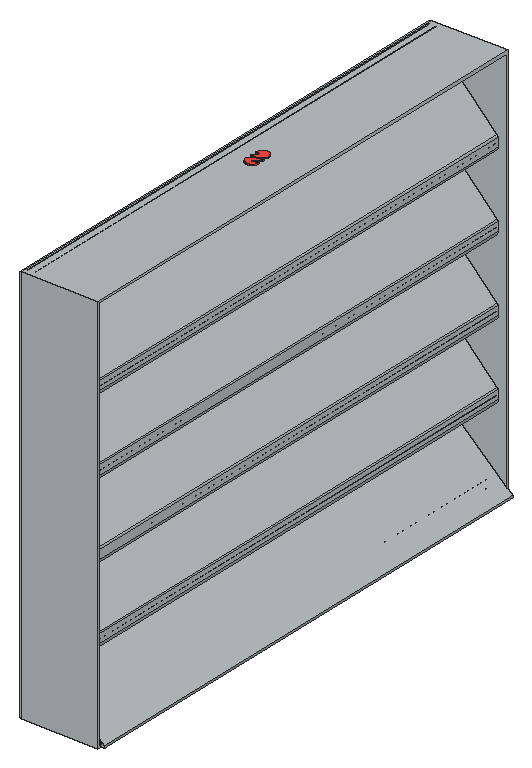
Revit family "NLRS_57_AIR_UN_steel_wheather_wall_louvre_bmxt_intake_LT_sacs", category Air Terminals, Revit 2022
Family settings
  Round Connector Dimension = Use Diameter
  Part Type = Normal
  OmniClass Number = 23.75.70.21.27.11
  OmniClass Title = Diffusers, Registers, and Grilles
  Work Plane-Based = No
  Always vertical = No
  Cut with Voids When Loaded = Yes
  Shared = No
  Room Calculation Point = Yes
Parameters (values of type "BMXTGO")
  Type Comments = ""
  SACS_c01_width [instance] = if(SACS_Allow_custom_size, if(not(SACS_Width > 4000.00 mm), roundup(SACS_Width / 5.00 mm) * 5.00 mm, 4000.00 mm), SACS_Price_Width)  # 425.00 mm
  SACS_c01_height [instance] = if(SACS_Allow_custom_size, if(not(SACS_Height > 2025.00 mm), if(not(SACS_Height < 205.00 mm), roundup(SACS_Height / 5.00 mm) * 5.00 mm, 205.00 mm), 2025.00 mm), SACS_Price_Height)  # 325.00 mm
  SACS_Z_Offset [instance] = (60.00 mm * (SACS_Index_Rows)) - 7.00 mm  # 233.00 mm
  SACS_Width [instance] = 425.00 mm
  SACS_Warning_Text_Sound [instance] = if(SACS_Warning_Sound, "Sound over requested value", " ")  # " "
  SACS_Warning_Text_Size [instance] = if(SACS_Warning_Size, if(SACS_Subindex = 3, "Unallowed size selected", "Special size: extra setup cost €46 per size, per order"), " ")  # " "
  SACS_Warning_Text_Ploss [instance] = if(SACS_Warning_Ploss, "Total Pressure loss over requested value", " ")  # " "
  SACS_Warning_Text_Other [instance] = if(and(not(SACS_Standard_RAL), not([Color option (0-4)] = 2)), "Colorchange € 157,-- per delivery and per color", " ")  # " "
  SACS_Warning_Text_Flow [instance] = if(SACS_Warning_Flow, "Air velocity over maximum advised value", " ")  # " "
  SACS_Warning_Sound [instance] = if(SACS_Lp_dBA > SACS_Max_Lp_dBA, 1 = 1, 1 = 0)  # no
  SACS_Warning_Size [instance] = SACS_Subindex > 1  # no
  SACS_Warning_Sign [instance] = if(and(not(SACS_Warning_Disabled), or(SACS_Warning_Flow, SACS_Warning_Ploss, SACS_Warning_Size, SACS_Warning_Sound)), 1 = 1, 1 = 0)  # no
  SACS_Warning_Ploss [instance] = if(NLRS_M_c01_drukverlies_statisch > SACS_Max_Ploss, 1 = 1, 1 = 0)  # no
  SACS_Warning_Flow [instance] = if(SACS_Air_Velocity > 2.5 m/s, 1 = 1, 1 = 0)  # no
  SACS_Warning_Disabled [instance] = no
  SACS_Type_Mark [instance] = ""
  SACS_Subindex [instance] = if(and(SACS_Width = SACS_Price_Width, SACS_Height = SACS_Price_Height), 0, if(and(SACS_Allow_custom_size, SACS_Width = SACS_c01_width, SACS_Height = SACS_c01_height), 1, if(SACS_Allow_custom_size, 2, 3)))  # 0
  SACS_Standard_RAL [instance] = [Color option (0-4)] < 1  # yes
  SACS_Size_Check [instance] = if(SACS_Subindex = 0, "Standard size", if(SACS_Subindex = 1, "Custom size", if(SACS_Subindex = 2, "Corrected custom size (allowed size steps are 5mm)", "Custom sizes are disabled!")))  # "Standard size"
  SACS_Show_Part_3 [instance] = (SACS_c01_height - 10.00 mm) = round((SACS_c01_height - 10.00 mm) / 60.00 mm) * 60.00 mm  # no
  SACS_Show_Part_2 [instance] = and(not(SACS_Show_Part_1), not(SACS_Show_Part_3), not((SACS_c01_height - 25.00 mm) = round((SACS_c01_height - 25.00 mm) / 60.00 mm) * 60.00 mm))  # no
  SACS_Show_Part_1 [instance] = (SACS_c01_height - 20.00 mm) = round((SACS_c01_height - 20.00 mm) / 60.00 mm) * 60.00 mm  # no
  SACS_Show_Arrow [instance] = yes
  SACS_Ps_Calculation [instance] = round(if(SACS_Air_Flow > 0.0 m³/h, (((SACS_Air_Flow / 3600.0 m³/h) / (SACS_Calculation_1 / 10000) / 0.54) ^ 2) * 0.6, 0) * 10) / 10  # 0
  SACS_Product_Cost [instance] = if(and(SACS_c01_width = SACS_Price_Width, SACS_c01_height = SACS_Price_Height), roundup(size_lookup(SACS_Data_Hidden, "Cost", 0, if(SACS_Base_Index = 6, 1.00 mm, 3.00 mm), SACS_Price_Width, SACS_Price_Height) * 1.2), roundup(roundup(size_lookup(SACS_Data_Hidden, "Cost", 0, if(SACS_Base_Index = 6, 1.00 mm, 3.00 mm), SACS_Price_Width, SACS_Price_Height) * 1.2) * 1.1))  # 146
  SACS_Price_Width [instance] = if(SACS_Width > 1825.00 mm, 2025.00 mm, if(SACS_Width > 1625.00 mm, 1825.00 mm, if(SACS_Width > 1425.00 mm, 1625.00 mm, if(SACS_Width > 1225.00 mm, 1425.00 mm, if(SACS_Width > 1025.00 mm, 1225.00 mm, if(SACS_Width > 825.00 mm, 1025.00 mm, if(SACS_Width > 625.00 mm, 825.00 mm, if(SACS_Width > 425.00 mm, 625.00 mm, 425.00 mm))))))))  # 425.00 mm
  SACS_Price_Height [instance] = if(SACS_Height > 1825.00 mm, 2025.00 mm, if(SACS_Height > 1625.00 mm, 1825.00 mm, if(SACS_Height > 1425.00 mm, 1625.00 mm, if(SACS_Height > 1225.00 mm, 1425.00 mm, if(SACS_Height > 1025.00 mm, 1225.00 mm, if(SACS_Height > 825.00 mm, 1025.00 mm, if(SACS_Height > 525.00 mm, 825.00 mm, if(SACS_Height > 325.00 mm, 525.00 mm, 325.00 mm))))))))  # 325.00 mm
  SACS_Price_Date [instance] = size_lookup(SACS_Data_Hidden, "Date", "NB", if(SACS_Base_Index = 6, 3.00 mm, 1.00 mm), SACS_Price_Width, SACS_Price_Height)  # "1-4-2025"
  SACS_Option_5 [instance] = if([Color option (0-4)] < 3, SACS_Color, if(SACS_Non_Standard_RAL, "Custom RAL color", "Custom not RAL color"))  # "Sendzimir galvanised"
  SACS_Option_3 [instance] = if(or(SACS_Base_Index = 2, SACS_Base_Index = 4), "I = Mounting frame", "O = None")  # "O = None"
  SACS_Option_2 [instance] = if(SACS_Base_Index = 6, "G = Galvanised wire mesh", "S = Stainless steel wire mesh")  # "G = Galvanised wire mesh"
  SACS_Option_1 [instance] = "BMXT = Without flange"  # constant formula
  SACS_Non_Standard_RAL [instance] = and([Color option (0-4)] > 0, [Color option (0-4)] < 4)  # no
  SACS_Model [instance] = if(or(SACS_Subindex = 1, SACS_Subindex = 2), size_lookup(SACS_Data_Hidden, "", "NB", SACS_Base_Index * 1.00 mm), size_lookup(SACS_Data_Hidden, "Model", "NB", SACS_Base_Index * 1.00 mm, SACS_c01_width, SACS_c01_height))  # "BMXTGO 425x325"
  SACS_Max_Ploss [instance] = 100.0 Pa
  SACS_Max_Lp_dBA [instance] = 45
  SACS_Lp_dBA [instance] = if(SACS_Lp_Calculation > 0, SACS_Lp_Calculation, 0)  # 0
  SACS_Lp_Calculation [instance] = if(SACS_Air_Flow > 0.0 m³/h, round((53 + (10 * (log(SACS_Calculation_1 / 20000) / log(10)))) + (60 * (log((((NLRS_M_c01_debiet / 3600.0 m³/h) / (SACS_Calculation_1 / 10000) / 0.54)) / 9.22) / log(10)))), 0)  # 0
  SACS_Logo_Z [instance] = if(or(SACS_Base_Index = 5, SACS_Base_Index = 6), -4.50 mm, -1.00 mm)  # -4.50 mm
  SACS_Index_Rows [instance] = rounddown((SACS_c01_height - 85.00 mm) / 60.00 mm)  # 4
  SACS_Hidden_Text [instance] = if(SACS_Non_Standard_RAL, "RALCost", "OtherCost")  # "OtherCost"
  SACS_Height [instance] = 325.00 mm
  SACS_Gross_Cost [instance] = if(or(SACS_Height > 2025.00 mm, SACS_Width > 2025.00 mm), 0, SACS_Product_Cost + SACS_Color_Cost)  # 146
  SACS_Free_Area [instance] = round(SACS_Calculation_1) * 100 mm²  # 38600 mm²
  SACS_Frame_1 [instance] = if(or(SACS_Base_Index = 2, SACS_Base_Index = 4), 1 = 1, 1 = 0)  # no
  SACS_Fill_Length [instance] = if(SACS_c01_height - 85.00 mm - SACS_Z_Offset > 0.00 mm, SACS_c01_height - 85.00 mm - SACS_Z_Offset, 1.00 mm)  # 7.00 mm
  SACS_Factor_NDF6 = -9490576.0071
  SACS_Factor_NDF5 = -53981.1776
  SACS_Factor_NDF4 = -607410.4408
  SACS_Factor_NDF3 = 4876.6678
  SACS_Factor_NDF2 = -2064081.7344
  SACS_Factor_NDF1 = -228.4752
  SACS_Face_Color [instance] = NLRS_57_sendzimir verzinkt_gen_sacs
  SACS_DbA_Text = " dB(A)"  # constant formula
  SACS_Data_Hidden = "BMX"  # constant formula
  SACS_Custom_Color [instance] = ""
  SACS_Color_Cost [instance] = if(SACS_Standard_RAL, 0, size_lookup(SACS_Data_Hidden, SACS_Hidden_Text, 0, if(SACS_Base_Index = 6, 1.00 mm, 3.00 mm), SACS_Price_Width, SACS_Price_Height))  # 0
  SACS_Color [instance] = if([Color option (0-4)] < 1, "Sendzimir galvanised", if([Color option (0-4)] = 1, "RAL9016-30", if([Color option (0-4)] = 2, "RAL9016-70", SACS_Custom_Color)))  # "Sendzimir galvanised"
  SACS_Calculation_3 [instance] = if(SACS_Calculation_2 * 60.00 mm + 79.00 mm > SACS_c01_height - 26.00 mm, SACS_Calculation_2 - 1, SACS_Calculation_2)  # 4
  SACS_Calculation_2 [instance] = rounddown((SACS_c01_height - 20.00 mm) / 60.00 mm)  # 5
  SACS_Calculation_1 [instance] = round(((((SACS_Factor_NDF1 * (SACS_c01_width / 1000.00 mm) ^ 2) + (SACS_Factor_NDF2 * (SACS_c01_height / 1000.00 mm) ^ 2)) / 100000) + (((SACS_Factor_NDF4 * (SACS_c01_width / 1000.00 mm)) + (SACS_Factor_NDF5 * (SACS_c01_height / 1000.00 mm))) / 1000) + (SACS_Factor_NDF3 * (SACS_c01_width / 1000.00 mm) * (SACS_c01_height / 1000.00 mm)) + (SACS_Factor_NDF6 / 1000 ^ 2)) * 10) / 10  # 386.2
  SACS_Base_Index = 6
  SACS_Air_Velocity [instance] = (NLRS_M_c01_debiet / SACS_Free_Area)  # 0.0 m/s
  SACS_Air_Flow [instance] = if(NLRS_M_c01_debiet < 0.0 m³/h, NLRS_M_c01_debiet * -1, NLRS_M_c01_debiet)  # 0.0 m³/h
  SACS_Allow_custom_size [instance] = no
  NLRS_M_c01_hoogte [instance] = SACS_c01_height  # 325.00 mm
  NLRS_M_c01_drukverlies_statisch [instance] = round(if(SACS_Ps_Calculation > 0, SACS_Ps_Calculation, 0)) * 1.0 Pa  # 0.0 Pa
  NLRS_M_c01_debiet [instance] = 0.0 m³/h
  NLRS_M_c01_breedte [instance] = SACS_c01_width  # 425.00 mm
  NLRS_C_model [instance] = SACS_Model  # "BMXTGO 425x325"
  NLRS_C_materiaal_kleur [instance] = SACS_Color  # "Sendzimir galvanised"
  NLRS_C_gtin_code [instance] = size_lookup(SACS_Data_Hidden, "GTIN", "NB", SACS_Base_Index * 1.00 mm, SACS_c01_width, SACS_c01_height)  # "NB"
  NLRS_C_description = Description  # "Solid Air weather louvre BMX (air intake)"
  NLRS_C_content_versie = "4.22.01"  # constant formula
  NLRS_C_content_provider = "Solid Air Climate Solutions"  # constant formula
  NLRS_C_content_datum_uitgifte = "09-10-2025"  # constant formula
  NLRS_C_content_creator = "J. Feeke"  # constant formula
  NLRS_C_artikel_code [instance] = size_lookup(SACS_Data_Hidden, "Artikelcode", "NB", SACS_Base_Index * 1.00 mm, SACS_c01_width, SACS_c01_height)  # "8601004795"
  LoadBearing = 1 = 0  # no
  IsExternal = 1 = 0  # no
  URL = "https://solid-air.nl/producten/solid-air-buitenluchtrooster-bmxn-bmxt-staal/"
  Model = "Weather louvre"  # constant formula
  Min Flow = 0.0 m³/h
  Max Flow = 0.0 m³/h
  Manufacturer = "Solid Air Climate Systems"  # constant formula
  IfcExportType = "LOUVRE"  # constant formula
  IfcExportAs = "IfcAirTerminal"  # constant formula
  IfcDescription = Description  # "Solid Air weather louvre BMX (air intake)"
  FireRating = "0"  # constant formula
  Description = "Solid Air weather louvre BMX (air intake)"  # constant formula
  Default Elevation = 0.00 mm
  Color option (0-4) [instance] = 0
  Assembly Code = "57.0"
Types (2, lengths in mm): name | SACS_Product_Cost | SACS_Option_2 | SACS_Model | SACS_Gross_Cost | SACS_Base_Index | NLRS_C_model | NLRS_C_artikel_code
  BMXTGO | 146 | "G = Galvanised wire mesh" | "BMXTGO 425x325" | 146 | 6 | "BMXTGO 425x325" | "8601004795"
  BMXTSO | 166 | "S = Stainless steel wire mesh" | "BMXTSO 425x325" | 166 | 5 | "BMXTSO 425x325" | "8601001745"
Reference planes
  plane 1 "Center (Front/Back)": y = 0
  plane 2: z = 0
  plane 3 "Center (Left/Right)": x = 0
  plane 4 "top": z = 162.5
  plane 5: z = -162.5
  plane 6: y = -212.5
  plane 7: y = 212.5
  plane 8: y = 204
  plane 9: y = -204
  plane 10 "Bottom_Profile": z = -85
  plane 11: z = 159
  plane 12: z = -159
  plane 13: y = 202.5
  plane 14: y = -202.5
  plane 15 "LAMELLEN": x = -49
  plane 16 "Top_Lamel": z = 148
  plane 17: z = -25
  plane 18: z = 35
Forms (mm)
  Sweep 1, solid, material "NLRS_57_sendzimir verzinkt_gen_sacs" <- "SACS_Face_Color", detail levels medium+fine
    path in 3D
      loop
        line (0, -204, 159) -> (0, -204, -159) -> (0, 204, -159) -> (0, 204, 159) -> (0, -204, 159)
    profile "Profile_XT_R22 : Profile_XT_R22" origin (0, 0, 159) x (0, 0, -1) y (1, 0, 0)
      loop
        arc (0, -54.5) -> (0.732, -56.268) -> (2.5, -57) r 2.5
        line (2.5, -57) -> (15, -57) -> (15, -55.5) -> (3.25, -55.5)
        arc (3.25, -55.5) -> (2.013, -54.987) -> (1.5, -53.75) r 1.75
        line (1.5, -53.75) -> (1.5, 6) -> (0, 6) -> (0, -54.5)
  Sweep 2, solid, material "NLRS_57_sendzimir verzinkt_gen_sacs" <- "SACS_Face_Color", detail levels medium+fine
    path in 3D
      loop
        line (-49, -202.5, -85) -> (-49, 202.5, -85)
    profile "Profile_BMX_Bottom_Lamel_R22 : Profile_BMX_Bottom_Lamel_R22" origin (-49, 0, -85) x (0, 0, 1) y (1, 0, 0)
      loop
        line (-0.482, -1.941) -> (-17.726, 2.346)
        arc (-17.726, 2.346) -> (-18.808, 2.791) -> (-19.715, 3.531) r 4
        line (-19.715, 3.531) -> (-70.982, 59.695)
        arc (-70.982, 59.695) -> (-72.154, 59.922) -> (-72.708, 58.864) r 1
        line (-72.708, 58.864) -> (-69.963, 41.531)
        arc (-69.963, 41.531) -> (-64.122, 41.153) -> (-69.236, 44) r 3
        line (-69.236, 44) -> (-68.491, 43.333)
        arc (-68.491, 43.333) -> (-65.081, 41.435) -> (-68.975, 41.687) r 2
        line (-68.975, 41.687) -> (-71.721, 59.021) -> (-20.25, 2.633)
        arc (-20.25, 2.633) -> (-19.343, 1.894) -> (-18.261, 1.448) r 4
        line (-18.261, 1.448) -> (-0.724, -2.911)
        arc (-0.724, -2.911) -> (2.007, 2.23) -> (-2.819, -1.026) r 3
        line (-2.819, -1.026) -> (-1.879, -0.684)
        arc (-1.879, -0.684) -> (1.338, 1.487) -> (-0.482, -1.941) r 2
  Extrusion 3, solid, not visible
    sketch origin (0, 0, 0) x (1, 0, 0) y (0, 1, 0)
      loop
        line (-49, 0.489) -> (-49, -0.489) -> (0, -0.489) -> (0, 0.489) -> (-49, 0.489)
    from -0.5 to 0.5
  Sweep 4, solid, material "NLRS_57_sendzimir verzinkt_gen_sacs" <- "SACS_Face_Color", visible <- "SACS_Show_Part_1", detail levels medium+fine
    path in 3D
      loop
        line (-49, 202.5, 148) -> (-49, -202.5, 148)
    profile "Profile_BMX_Top_Lamel_R22 : Profile_BMX_Top_Lamel_R22" origin (-49, 0, 148) x (1, 0, 0) y (0, 0, 1)
      loop
        arc (46.763, 2.427) -> (42.327, -1.362) -> (48, 0) r 3
        line (48, 0) -> (48, 7.19)
        arc (48, 7.19) -> (47.853, 7.941) -> (47.435, 8.582) r 2
        line (47.435, 8.582) -> (-1.905, 59.303)
        arc (-1.905, 59.303) -> (-2.11, 60.389) -> (-1.188, 61) r 1
        line (-1.188, 61) -> (4.674, 61)
        arc (4.674, 61) -> (6.088, 57.586) -> (2.674, 59) r 2
        line (2.674, 59) -> (1.674, 59)
        arc (1.674, 59) -> (6.795, 56.879) -> (4.674, 62) r 3
        line (4.674, 62) -> (-1.182, 62)
        arc (-1.182, 62) -> (-3.025, 60.778) -> (-2.616, 58.605) r 2
        line (-2.616, 58.605) -> (46.434, 8.182)
        arc (46.434, 8.182) -> (46.853, 7.54) -> (47, 6.788) r 2
        line (47, 6.788) -> (47, 0)
        arc (47, 0) -> (43.218, -0.908) -> (46.176, 1.618) r 2
        line (46.176, 1.618) -> (46.763, 2.427)
  Sweep 5, solid, material "NLRS_57_sendzimir verzinkt_gen_sacs" <- "SACS_Face_Color", visible <- "SACS_Show_Part_2"
    path in 3D
      loop
        line (-49, 202.5, 148) -> (-49, -202.5, 148)
    profile "Profile_BMX_ALT_Top_Lamel_R22 : Profile_BMX_ALT_Top_Lamel_R22" origin (-49, 0, 148) x (1, 0, 0) y (0, 0, 1)
      loop
        arc (46.763, 2.427) -> (42.327, -1.362) -> (48, 0) r 3
        line (48, 0) -> (48, 7.19)
        arc (48, 7.19) -> (47.853, 7.941) -> (47.435, 8.582) r 2
        line (47.435, 8.582) -> (46.159, 9.895)
        arc (46.159, 9.895) -> (45.503, 10.342) -> (44.725, 10.5) r 2
        line (44.725, 10.5) -> (-3, 10.5) -> (-3, 9.5) -> (44.624, 9.5)
        arc (44.624, 9.5) -> (45.11, 9.402) -> (45.52, 9.122) r 1.25
        line (45.52, 9.122) -> (46.434, 8.182)
        arc (46.434, 8.182) -> (46.853, 7.54) -> (47, 6.788) r 2
        line (47, 6.788) -> (47, 0)
        arc (47, 0) -> (43.218, -0.908) -> (46.176, 1.618) r 2
        line (46.176, 1.618) -> (46.763, 2.427)
  Sweep 6, solid, material "NLRS_57_sendzimir verzinkt_gen_sacs", visible <- "SACS_Show_Part_3"
    path in 3D
      loop
        line (-49, 202.5, 148) -> (-49, -202.5, 148)
    profile "Profile_BMX_ALT2_Top_Lamel_R22 : Profile_BMX_ALT2_Top_Lamel_R22" origin (-49, 0, 148) x (1, 0, 0) y (0, 0, 1)
      loop
        arc (46.763, 2.427) -> (42.327, -1.362) -> (48, 0) r 3
        line (48, 0) -> (48, 7.19)
        arc (48, 7.19) -> (47.853, 7.942) -> (47.434, 8.584) r 2
        line (47.434, 8.584) -> (7.033, 50.115)
        arc (7.033, 50.115) -> (4.478, 50.376) -> (3.772, 47.907) r 2
        line (3.772, 47.907) -> (7.04, 40.567) -> (4.312, 33.074)
        arc (4.312, 33.074) -> (0.59, 33.534) -> (3.712, 35.612) r 2
        line (3.712, 35.612) -> (4.3, 36.421)
        arc (4.3, 36.421) -> (-0.374, 33.269) -> (5.232, 32.677) r 3
        line (5.232, 32.677) -> (7.841, 39.846)
        arc (7.841, 39.846) -> (7.961, 40.599) -> (7.789, 41.343) r 2
        line (7.789, 41.343) -> (4.681, 48.324)
        arc (4.681, 48.324) -> (5.034, 49.559) -> (6.311, 49.428) r 1
        line (6.311, 49.428) -> (46.434, 8.182)
        arc (46.434, 8.182) -> (46.853, 7.54) -> (47, 6.788) r 2
        line (47, 6.788) -> (47, 0)
        arc (47, 0) -> (43.218, -0.908) -> (46.176, 1.618) r 2
        line (46.176, 1.618) -> (46.763, 2.427)
Lines and regions (mm)
  model lines, not visible
    curve 1: line (0, 204, 159) -> (0, -204, 159)
    curve 2: line (0, 204, -159) -> (0, 204, 159)
    curve 3: line (0, -204, -159) -> (0, 204, -159)
    curve 4: line (0, -204, 159) -> (0, -204, -159)
    curve 9: line (-49, -202.5, 153.5) -> (-49, 202.5, 153.5)
    curve 10: line (-49, -202.5, -85) -> (-49, 202.5, -85)
    curve 12: line (0, 212.5, 162.5) -> (0, -212.5, 162.5)
    curve 13: line (0, 212.5, -162.5) -> (0, 212.5, 162.5)
    curve 14: line (0, -212.5, -162.5) -> (0, 212.5, -162.5)
    curve 15: line (0, -212.5, 162.5) -> (0, -212.5, -162.5)
    curve 16: line (-49, 202.5, 148) -> (-49, -202.5, 148)
  sketch lines
    curve 5: line (0, 204, 159) -> (0, -204, 159)
    curve 6: line (0, 204, -159) -> (0, 204, 159)
    curve 7: line (0, -204, -159) -> (0, 204, -159)
    curve 8: line (0, -204, 159) -> (0, -204, -159)
    curve 11: line (-49, -202.5, -85) -> (-49, 202.5, -85)
    curve 17: line (-49, 202.5, 148) -> (-49, -202.5, 148)
    curve 18: line (-49, 202.5, 148) -> (-49, -202.5, 148)
    curve 19: line (-49, 202.5, 148) -> (-49, -202.5, 148)
Dimensions and locks
  equal spacing: plane 7, plane 1 "Center (Front/Back)", plane 6
  equal spacing: plane 5, level, plane 4 "top"
  "SACS_c01_height": plane 4 "top" to plane 5
  "SACS_c01_width": plane 7 to plane 6
  locked: plane 7 to plane 8 at 8.5
  locked: plane 9 to plane 6 at 8.5
  locked: plane 10 "Bottom_Profile" to plane 12 at 74
  locked: plane 4 "top" to plane 11 at 3.5
  locked: plane 12 to plane 5 at 3.5
  locked: plane 8 to plane 13 at 1.5
  locked: plane 14 to plane 9 at 1.5
  plane 3 "Center (Left/Right)" to plane 15 "LAMELLEN" = 49.00 mm
  equal spacing: Extrusion 3 sketch curve, plane 1 "Center (Front/Back)", Extrusion 3 sketch curve
  Extrusion 3 sketch curve to Extrusion 3 sketch curve = 0.977 mm
  "SACS_Z_Offset": plane 16 "Top_Lamel" to plane 10 "Bottom_Profile"
  equal spacing: group 1, group 2, group 3, group 4  (x3)
  locked: plane 17 to plane 10 "Bottom_Profile" at 60
  locked: plane 18 to plane 17 at 60
  plane 9 to plane 8 = 408.00 mm
  plane 11 to plane 12 = 318.00 mm
  plane 10 "Bottom_Profile" to plane 12 = 74.00 mm
  plane 16 "Top_Lamel" to plane 10 "Bottom_Profile" = 233.00 mm
  aligned and locked: level to plane 2
  aligned and locked: curve 4 to plane 9
  aligned and locked: curve 1 to plane 11
  aligned and locked: plane 12 to curve 3
  aligned and locked: plane 14 to curve 9
  aligned and locked: plane 13 to curve 9
  aligned and locked: plane 14 to curve 10
  aligned and locked: plane 13 to curve 10
  aligned and locked: plane 15 "LAMELLEN" to Extrusion 3 sketch curve
  aligned and locked: curve 12 to plane 4 "top"
  aligned and locked: plane 7 to curve 13
  aligned and locked: curve 15 to plane 6
  aligned and locked: plane 5 to curve 14
  aligned and locked: plane 15 "LAMELLEN" to nested 2
  aligned and locked: plane 17 to nested 2
  aligned and locked: plane 18 to nested 3
  aligned and locked: nested 1 to plane 1 "Center (Front/Back)"
  aligned and locked: nested 4 to plane 3 "Center (Left/Right)"
  aligned and locked: nested 5 to plane 3 "Center (Left/Right)"
  aligned and locked: plane 13 to curve 16
  aligned and locked: plane 14 to curve 16
  aligned and locked: curve 16 to plane 15 "LAMELLEN"
Automatic sketch dimensions
  plane 3 "Center (Left/Right)" to Extrusion 3 sketch curve = 0.00 mm
  curve 2 to plane 8 = 0.00 mm
  curve 9 to plane 11 = 5.50 mm
  curve 10 to plane 10 "Bottom_Profile" = 0.00 mm
Nested families
  nested 1: "logo_SACS" at (-30.213, 0, 158) x (0, 1, 0) z (0, 0, 1), built-in parameter 1001364 <- "SACS_Logo_Z", type "logo_SACS", detail levels medium+fine
  nested 2: "BMX_Lamel_R22" at (-49, 0, -25), type "BMX_Lamel_R22", detail levels medium+fine
    with Width 405.00 mm, BMX_Width 425.00 mm
  nested 3: "BMX_Lamel_R22" at (-49, 0, 35), type "BMX_Lamel_R22", detail levels medium+fine
    with Width 405.00 mm, BMX_Width 425.00 mm
  nested 4: "symbol_intake_single_arrow" at (-29, 0, 0), type "Top"
    with Width 425.00 mm
  nested 5: "symbol_intake_single_arrow" at (-29, 0, 0) x (1, 0, 0) z (0, -1, 0), type "Side"
    with Width 325.00 mm
  nested 6: "BMX_Lamel_R22" at (-49, 0, 95), type "BMX_Lamel_R22", detail levels medium+fine
    with Width 405.00 mm, BMX_Width 425.00 mm
  nested 7: "BMX_Lamel_R22" at (-49, 0, 155), type "BMX_Lamel_R22", detail levels medium+fine
    with Width 405.00 mm, BMX_Width 425.00 mm
Connectors
  hvac at (0, 0, 0), driven by "SACS_c01_height", driven by "SACS_c01_width", driven by "NLRS_M_c01_drukverlies_statisch", driven by "NLRS_M_c01_debiet"
    settings: on Extrusion 3, index 1, duct flow 0.0 m³/h, flow factor 0, pres drop 0.0 Pa, loss coef 0, conn angle 0.00°, conn width 425 mm, conn height 325 mm, conn diameter 609.6 mm, duct sys type 1, conn prof type 1, flow config 1, flow direction 2, loss method 4, conn ref index -1, conn util no, is conn primary yes, conn desc ""
Definition of nested family "logo_SACS"
  Parameters (values of type "logo_SACS")
    Scale = 5.00 mm
    Model = "LOD 400"
    Height = 1.50 mm
    Description = "Model type"
    Default Elevation = 1219.20 mm
  Reference planes
    plane 1 "Center (Front/Back)": y = 0
    plane 2: z = 0
    plane 3 "Center (Left/Right)": x = 0
    plane 4: z = 1.5
    plane 5: x = -10
    plane 6: y = -5
    plane 7: y = 5
    plane 8: x = -5
    plane 9: x = 5
    plane 10: x = 10
  Forms (mm)
    Extrusion 1, solid
      sketch origin (-547.644, -297.937, 0) x (1, 0, 0) y (0, 1, 0)
        loop
          arc (542.644, 302.937) -> (537.644, 297.937) -> (542.644, 292.937) r 5
          line (542.644, 292.937) -> (542.644, 297.937) -> (547.644, 292.937) -> (547.644, 297.937) -> (542.644, 302.937)
      from 0 to 1.5
    Extrusion 2, solid
      sketch origin (0, 0, 0) x (1, 0, 0) y (0, 1, 0)
        loop
          arc (5, -5) -> (10, 0) -> (5, 5) r 5
          line (5, 5) -> (5, 0) -> (0, 5) -> (0, 0) -> (5, -5)
      from 0 to 1.5
  Dimensions and locks
    "Scale": plane 7 to plane 1 "Center (Front/Back)"
    "Scale": plane 6 to plane 1 "Center (Front/Back)"
    "Scale": plane 5 to plane 8
    "Scale": plane 8 to plane 3 "Center (Left/Right)"
    "Scale": plane 3 "Center (Left/Right)" to plane 9
    "Scale": plane 9 to plane 10
    "Height": plane 4 to level
    aligned and locked: level to plane 2
    aligned and locked: plane 4 to Extrusion 1
    aligned and locked: plane 4 to Extrusion 2
  Automatic sketch dimensions
    plane 1 "Center (Front/Back)" to Extrusion 1 sketch curve = 0.00 mm  (x3)
    Extrusion 1 sketch curve to plane 8 = 0.00 mm
    Extrusion 1 sketch curve to plane 7 = 0.00 mm
    Extrusion 1 sketch curve to plane 3 "Center (Left/Right)" = 0.00 mm
    Extrusion 1 sketch curve to plane 6 = 0.00 mm
    Extrusion 2 sketch curve to plane 3 "Center (Left/Right)" = 0.00 mm
    plane 1 "Center (Front/Back)" to Extrusion 2 sketch curve = 0.00 mm  (x3)
    Extrusion 2 sketch curve to plane 6 = 0.00 mm
    Extrusion 2 sketch curve to plane 9 = 0.00 mm
    Extrusion 2 sketch curve to plane 7 = 0.00 mm
Definition of nested family "BMX_Lamel_R22"
  Parameters (values of type "BMX_Lamel_R22")
    material = none
    Width = BMX_Width - 20.00 mm  # 480.00 mm
    Type Comments = "(c) 2025"  # constant formula
    Model = "Lamel for BMX"  # constant formula
    Manufacturer = "Solid Air Climate Systems"  # constant formula
    Description = "Last updated: 01-10-2025"  # constant formula
    Default Elevation = 0.00 mm
    BMX_Width = 500.00 mm
  Reference planes
    plane 1 "Center (Front/Back)": y = 0
    plane 2: z = 0
    plane 3 "Center (Left/Right)": x = 0
    plane 4: y = 240
    plane 5: y = -240
  Forms (mm)
    Sweep 1, solid, material <- "material", detail levels medium+fine
      path in 3D
        loop
          line (0, 240, 0) -> (0, -240, 0)
      profile "Profile_BMX_Lamel_R22 : Profile_BMX_Lamel_R22" origin (0, 0, 0) x (1, 0, 0) y (0, 0, 1)
        loop
          arc (46.763, -64.573) -> (42.327, -68.362) -> (48, -67) r 3
          line (48, -67) -> (48, -59.812)
          arc (48, -59.812) -> (47.853, -59.06) -> (47.434, -58.418) r 2
          line (47.434, -58.418) -> (-1.434, -8.182)
          arc (-1.434, -8.182) -> (-1.853, -7.54) -> (-2, -6.788) r 2
          line (-2, -6.788) -> (-2, 0)
          arc (-2, 0) -> (1.798, 0.877) -> (-1.231, -1.576) r 2
          line (-1.231, -1.576) -> (-1.847, -2.364)
          arc (-1.847, -2.364) -> (2.696, 1.315) -> (-3, 0) r 3
          line (-3, 0) -> (-3, -7.188)
          arc (-3, -7.188) -> (-2.853, -7.94) -> (-2.434, -8.582) r 2
          line (-2.434, -8.582) -> (46.434, -58.818)
          arc (46.434, -58.818) -> (46.853, -59.46) -> (47, -60.212) r 2
          line (47, -60.212) -> (47, -67)
          arc (47, -67) -> (43.218, -67.908) -> (46.176, -65.382) r 2
          line (46.176, -65.382) -> (46.763, -64.573)
  Lines and regions (mm)
    model lines
      curve 1: line (0, 240, 0) -> (0, -240, 0)
    sketch lines
      curve 2: line (0, 240, 0) -> (0, -240, 0)
    model lines, not visible
      curve 3: line (-2, 0, 0) -> (2, 0, 0)
  Dimensions and locks
    equal spacing: plane 4, plane 1 "Center (Front/Back)", plane 5
    "Width": plane 4 to plane 5
    aligned and locked: level to plane 2
    aligned and locked: plane 4 to curve 1
    aligned and locked: plane 5 to curve 1
  Automatic sketch dimensions
    curve 1 to plane 3 "Center (Left/Right)" = 0.00 mm
    curve 3 to level = 0.00 mm
    curve 3 to plane 3 "Center (Left/Right)" = 2.00 mm
    plane 3 "Center (Left/Right)" to curve 3 = 2.00 mm
Definition of nested family "symbol_intake_single_arrow"
  Parameters (values of type "Side")
    Width = 525.00 mm
    Symbol = yes
    Safe_Length = if(Length < 50.00 mm, 50.00 mm, Length)  # 58.00 mm
    Length = 58.00 mm
    Error = no
    Arrow = yes
  Types (2, lengths in mm): name | Width
    Side | 525.00
    Top | 625.00
  Reference planes
    plane 1 "Center (Front/Back)": y = 0
    plane 2: z = 0
    plane 3 "Center (Left/Right)": x = 0
    plane 4: x = -29
    plane 5: x = 29
    plane 6: y = -262.5
    plane 7: y = 262.5
    plane 8: x = 54
  Lines and regions (mm)
    Filled region 1, type "Solid Fill - Black", in view "Ref. Level", visible <- "Arrow"
      outline origin (246.928, 237.965, 0) x (0, -1, 0) y (1, 0, 0)
        loop
          line (237.965, -192.928) -> (267.965, -132.928) -> (207.965, -132.928) -> (237.965, -192.928)
    Filled region 2, type "Solid Fill - Black", in view "Ref. Level", visible <- "Arrow", not visible
      outline origin (246.928, 237.965, 0) x (0, -1, 0) y (1, 0, 0)
        loop
          line (237.965, -71.928) -> (267.965, -11.928) -> (207.965, -11.928) -> (237.965, -71.928)
    Filled region 3, type "Solid Fill - Red", in view "Ref. Level", visible <- "Error"
      outline origin (0, 0, 0) x (1, 0, 0) y (0, 1, 0)
        loop
          line (-25.8, 75) -> (-20, -12) -> (20, -12) -> (25.8, 75) -> (-25.8, 75)
        loop
          circle (0, -50) r 25
    detail lines, in view "Ref. Level", visible <- "Symbol", detail levels coarse
      curve 1: line (-29, 262.5, 0) -> (29, 262.5, 0)
      curve 2: line (-29, -262.5, 0) -> (-29, 262.5, 0)
      curve 3: line (29, -262.5, 0) -> (-29, -262.5, 0)
      curve 4: line (29, 262.5, 0) -> (29, -262.5, 0)
      curve 5: line (29, 262.5, 0) -> (-29, -262.5, 0)
      curve 8: line (-29, 262.5, 0) -> (29, -262.5, 0)
    detail lines, in view "Ref. Level", visible <- "Arrow"
      curve 6: line (229, 0, 0) -> (76.657, 0, 0)
    detail lines, in view "Ref. Level", visible <- "Arrow", not visible
      curve 7: line (350, 0, 0) -> (197.657, 0, 0)
  Dimensions and locks
    equal spacing: plane 7, plane 1 "Center (Front/Back)", plane 6
    "Width": plane 7 to plane 6
    equal spacing: plane 4, plane 3 "Center (Left/Right)", plane 5
    "Safe_Length": plane 4 to plane 5
    locked: plane 8 to Filled region 1
    locked: plane 5 to plane 8 at 25
    Filled region 3 sketch curve to Filled region 3 sketch curve = 51.60 mm  (x2)
    Filled region 3 sketch curve to Filled region 3 sketch curve = 40.00 mm  (x2)
    equal spacing: Filled region 3 sketch curve, plane 3 "Center (Left/Right)", Filled region 3 sketch curve  (x2)
    Filled region 3 sketch curve to plane 1 "Center (Front/Back)" to Filled region 3 sketch curve = 12.00 mm locked, 75.00 mm locked
    locked: Filled region 3 sketch curve to plane 1 "Center (Front/Back)" at 50
    diameter of Filled region 3 sketch curve = 50.00 mm
    aligned and locked: plane 4 to curve 2
    aligned and locked: curve 1 to plane 7
    aligned and locked: plane 6 to curve 3
    aligned and locked: curve 4 to plane 5
    aligned and locked: plane 3 "Center (Left/Right)" to Filled region 3 sketch curve
  Automatic sketch dimensions
    Filled region 1 sketch curve to Filled region 1 sketch curve = 60.00 mm  (x2)
    Filled region 1 sketch curve to Filled region 1 sketch curve = 30.00 mm
    Filled region 2 sketch curve to Filled region 2 sketch curve = 60.00 mm  (x2)
    Filled region 2 sketch curve to Filled region 2 sketch curve = 30.00 mm
